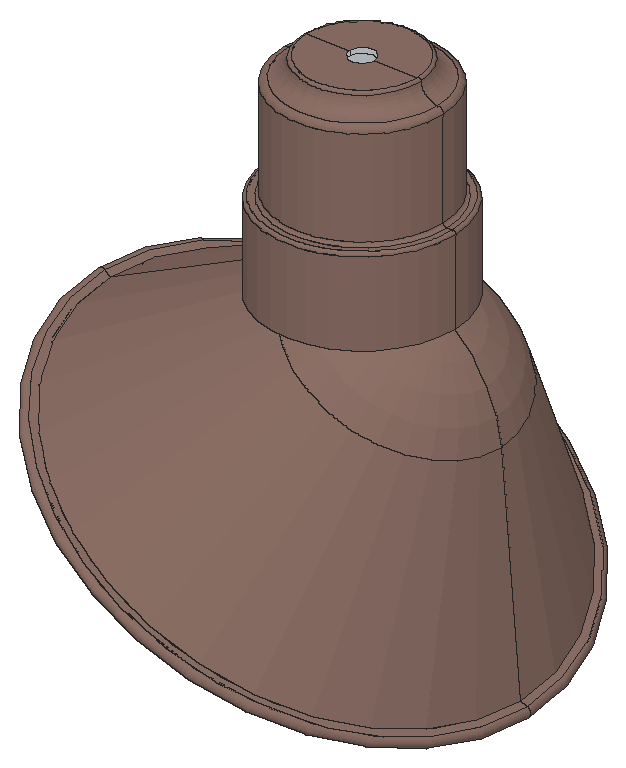
Revit family "A810 SHADE", category Lighting Fixtures, Revit 2024
Family settings
  Round Connector Dimension = Use Diameter
  Part Type = Normal
  OmniClass Number = 23.80.70.00
  OmniClass Title = Lighting
  Work Plane-Based = No
  Always vertical = Yes
  Cut with Voids When Loaded = No
  Light Source = Yes
  Maintain Annotation Orientation = No
  Shared = No
  Room Calculation Point = No
Parameters
  Wattage = 12.1178 W
  built-in parameter 1150110 = 1 (stored number, unit not read)
  built-in parameter 1114217 = 1 (stored number, unit not read)
  built-in parameter 1150109 = 1 (stored number, unit not read)
  built-in parameter 1150134 = (empty or 0)
  built-in parameter 1150113 = 1 (stored number, unit not read)
  Lumens = 1800 lm
  built-in parameter 1150115 = 1 (stored number, unit not read)
  built-in parameter 1150105 = 572.96 (stored number, unit not read)
  Light Source Symbol Size = 2' - 0"
  built-in parameter 1150137 = (empty or 0)
  built-in parameter 1150139 = (empty or 0)
  built-in parameter 1150112 = 1 (stored number, unit not read)
  built-in parameter 1150114 = 1 (stored number, unit not read)
  built-in parameter 1150132 = 2
  built-in parameter 1150102 = (empty or 0)
  built-in parameter 1150138 = (empty or 0)
  built-in parameter 1150107 = 3000 (stored number, unit not read)
  built-in parameter 1150106 = 5.7296 (stored number, unit not read)
  built-in parameter 1150104 = 13.8 (stored number, unit not read)
  Dimming Lamp Color Temperature Shift = (empty or 0)
  Default Elevation = 0' - 0"
  Color Filter = 16777215
  built-in parameter 1114218 = 1 (stored number, unit not read)
  built-in parameter 1150133 = 10 (stored number, unit not read)
Reference planes (in)
  plane 1 "Light Source Axis (F/B)": y = 0
  plane 2: z = 0
  plane 3 "Light Source Axis (L/R)": x = 0
  plane 4 "Light Source Elevation": z = 84
Forms (in)
  Revolve 1, solid
    sketch origin (0, 0, 2.75033) x (1, 0, 0) y (0, 0, 1)
      loop
        line (-0.25, 91.99957) -> (-1.11274, 91.99957)
        arc (-1.11274, 91.99957) -> (-1.15406, 91.98395) -> (-1.17474, 91.94491) r 0.0625
        arc (-1.17474, 91.94491) -> (-1.28152, 91.72879) -> (-1.49903, 91.62488) r 0.36863
        arc (-1.49903, 91.62488) -> (-1.58742, 91.58826) -> (-1.62403, 91.49988) r 0.125
        line (-1.62403, 91.49988) -> (-1.62403, 89.56185)
        arc (-1.62403, 89.56185) -> (-1.64234, 89.51765) -> (-1.68653, 89.49935) r 0.0625
        line (-1.68653, 89.49935) -> (-1.81086, 89.4993)
        arc (-1.81086, 89.4993) -> (-1.85505, 89.48099) -> (-1.87336, 89.4368) r 0.0625
        line (-1.87336, 89.4368) -> (-1.87336, 87.74927) -> (-1.77961, 87.74927) -> (-1.77961, 89.40555) -> (-1.68653, 89.40555)
        arc (-1.68653, 89.40555) -> (-1.57605, 89.45136) -> (-1.53028, 89.56185) r 0.15625
        line (-1.53028, 89.56185) -> (-1.53028, 91.49988)
        arc (-1.53028, 91.49988) -> (-1.51995, 91.5231) -> (-1.49577, 91.53096) r 0.03125
        arc (-1.49577, 91.53096) -> (-1.22835, 91.65002) -> (-1.08602, 91.90582) r 0.46238
        line (-1.08602, 91.90582) -> (-0.25, 91.90582) -> (-0.25, 91.99957)
      axis (0, 91.99957) -> (0, 87.74927)
    angle from 0 to 360
  Revolve 2, solid
    sketch origin (0, 0, 0) x (1, 0, 0) y (0, 0, 1)
      loop
        arc (2.79328, 88.69277) -> (2.50455, 89.68766) -> (1.86119, 90.49961) r 2.68939
        line (1.86119, 90.49961) -> (1.71309, 90.49961)
        arc (1.71309, 90.49961) -> (2.39487, 89.69445) -> (2.6999, 88.68447) r 2.59564
        line (2.6999, 88.68447) -> (3.09578, 84.23014) -> (3.16579, 84.18984)
        arc (3.16579, 84.18984) -> (3.27263, 84.00171) -> (3.31051, 84.21472) r 0.115
        line (3.31051, 84.21472) -> (3.18484, 84.28705) -> (2.79328, 88.69277)
      axis (-0.97014, 86.57014) -> (1.43312, 90.74597)
    angle from 0 to 360
Dimensions and locks (in)
  aligned and locked: plane 3 "Light Source Axis (L/R)" to imposter light
  aligned and locked: plane 1 "Light Source Axis (F/B)" to imposter light
  aligned and locked: plane 4 "Light Source Elevation" to imposter light
  aligned and locked: level to plane 2
